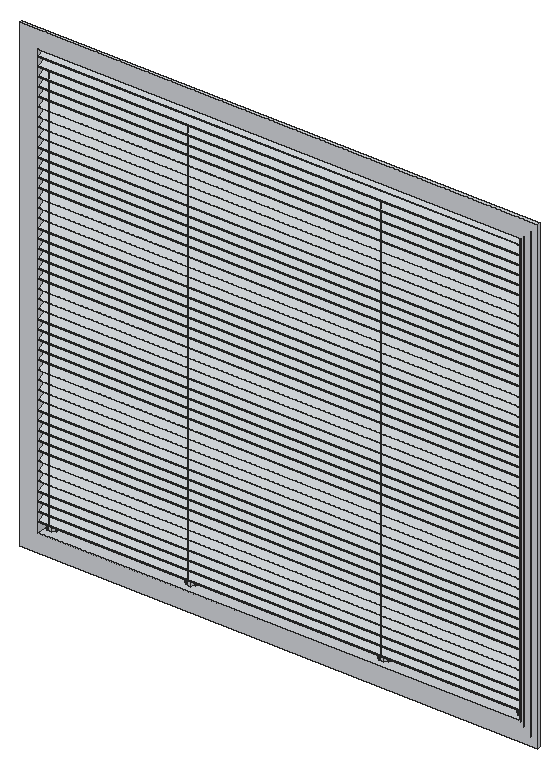
Revit family "EL-1-FL (Flange 2)", category Mechanical Equipment, Revit 2015
Parameters
  URL = "http://unitedenertech.com/catalog/pdf/A_43%20EL-1-FL.pdf"
  Type Comments = "Max. Single Section Size is (120\"w x 84\"h)"
  Model = "EL-1-FL (30 Degree Blades) (Flange #2)"
  Manufacturer = "United Enertech Corporation"
  Keynote = "Note: Blade Braces Set to Visibility Parameters, Correct Number Will Appear when Loaded into Project."
  Exact Width = 3' - 4"
  Exact Height = 3' - 0"
  Description = "PTAC Grille with Flange Frame"
  Brace Visibility [instance] = if(and(Exact Width > 1' 4", Exact Width < 2' 8"), 2 > 1, 1 > 2)  # no
  Brace Number [instance] = (Exact Width / 1' 4")  # 3
  Brace Height [instance] = Exact Height - 0' 0 1/8"  # 2' - 11 7/8"
  Blade Spacing = 0' - 0 3/4"
  Blade Number [instance] = rounddown((Exact Height - 0' 0 5/16") / 0' 0 3/4")  # 47
  BW [instance] = Exact Width - 0' 0 1/8"  # 3' - 3 7/8"
  (7) Brace Visibility [instance] = if(Exact Width > 9' 4", 2 > 1, 1 > 2)  # no
  (6) Brace Visibility [instance] = if(and(Exact Width > 8' 0", Exact Width < 9' 4"), 2 > 1, 1 > 2)  # no
  (5) Brace Visibility [instance] = if(and(Exact Width > 6' 8", Exact Width < 8' 0"), 2 > 1, 1 > 2)  # no
  (4) Brace Visibility [instance] = if(and(Exact Width > 5' 4", Exact Width < 6' 8"), 2 > 1, 1 > 2)  # no
  (3) Brace Visibility [instance] = if(and(Exact Width > 4' 0", Exact Width < 5' 4"), 2 > 1, 1 > 2)  # no
  (2) Brace Visibility [instance] = if(and(Exact Width > 2' 8", Exact Width < 4' 0"), 2 > 1, 1 > 2)  # yes
Reference planes (in)
  plane 1 "Center (Front/Back)": y = 0
  plane 2: z = 0
  plane 3 "Center (Left/Right)": x = 0
  plane 4: x = -20
  plane 5: x = 20
  plane 6: z = 36
  plane 7: x = -19.56125
  plane 8: y = -0.453
  plane 9: y = -0.237
  plane 10: z = 35.75
  plane 11: z = 18
  plane 12: z = 0.06291
  plane 13: z = 35.93709
  plane 14: x = -19.93709
  plane 15: x = 19.93709
Forms (in)
  Extrusion 1, solid
    sketch origin (-19.79782, 2.05132, 0) x (-1, 0, 0) y (0, -1, 0)
      loop
        line (-0.65373, 2.21832) -> (-0.50198, 2.05132) -> (-0.09698, 2.05132) -> (0.05477, 2.21832) -> (-0.06023, 2.21832) -> (-0.06023, 2.1602) -> (-0.11911, 2.10132) -> (-0.47986, 2.10132) -> (-0.53873, 2.1602) -> (-0.53873, 2.21832) -> (-0.65373, 2.21832)
    from 0.06291 to 35.93709
  Extrusion 2, solid
    sketch origin (19.77507, 2.48299, 0) x (1, 0, 0) y (0, 1, 0)
      loop
        line (-0.71549, -2.49199) -> (-0.71549, -2.71999) -> (-0.53299, -2.71999) -> (-0.49774, -2.93599) -> (-0.05574, -2.93599) -> (-0.02049, -2.71999) -> (0.16201, -2.71999) -> (0.16201, -2.49199) -> (0.09201, -2.49199) -> (0.02544, -2.57592) -> (0.09006, -2.64999) -> (-0.07999, -2.64999) -> (-0.11524, -2.86599) -> (-0.43823, -2.86599) -> (-0.47348, -2.64999) -> (-0.64354, -2.64999) -> (-0.58124, -2.57299) -> (-0.64549, -2.49199) -> (-0.71549, -2.49199)
    from 0.06291 to 35.93709
  Extrusion 3, solid
    sketch origin (19.79782, 2.05132, 0) x (1, 0, 0) y (0, 1, 0)
      loop
        line (-0.65373, -2.21832) -> (-0.53873, -2.21832) -> (-0.53873, -2.1602) -> (-0.47986, -2.10132) -> (-0.11911, -2.10132) -> (-0.06023, -2.1602) -> (-0.06023, -2.21832) -> (0.05477, -2.21832) -> (-0.09698, -2.05132) -> (-0.50198, -2.05132) -> (-0.65373, -2.21832)
    from 0.06291 to 35.93709
  Extrusion 4, solid
    sketch origin (-19.77507, 2.48299, 0) x (-1, 0, 0) y (0, -1, 0)
      loop
        line (-0.71549, 2.49199) -> (-0.64549, 2.49199) -> (-0.58124, 2.57299) -> (-0.64354, 2.64999) -> (-0.47348, 2.64999) -> (-0.43823, 2.86599) -> (-0.11524, 2.86599) -> (-0.07999, 2.64999) -> (0.09006, 2.64999) -> (0.02544, 2.57592) -> (0.09201, 2.49199) -> (0.16201, 2.49199) -> (0.16201, 2.71999) -> (-0.02049, 2.71999) -> (-0.05574, 2.93599) -> (-0.49774, 2.93599) -> (-0.53299, 2.71999) -> (-0.71549, 2.71999) -> (-0.71549, 2.49199)
    from 0.06291 to 35.93709
  Sweep 5, solid
    path origin (0, 0, 0) x (1, 0, 0) y (0, 0, 1)
      loop
        line (-20, 36) -> (-20, 0) -> (20, 0) -> (20, 36) -> (-20, 36)
    profile "FL 2 : FL 2" origin (0, 0, 36) x (0, 0, 1) y (0, -1, 0)
      loop
        line (-0.75116, -0.0004) -> (-0.75116, -0.0634) -> (-0.00116, -0.0634) -> (-0.00116, 0.9986) -> (0.18584, 0.9986) -> (0.18584, 0.8736) -> (0.43634, 0.8736) -> (0.43634, 0.9366) -> (0.24884, 0.9366) -> (0.24884, 0.9986) -> (0.74884, 0.9986) -> (0.74884, 0.9366) -> (0.56134, 0.9366) -> (0.56134, 0.8736) -> (0.81184, 0.8736) -> (0.81184, 0.9986) -> (1.36084, 0.9986) -> (1.36084, 0.8736) -> (1.42384, 0.8736) -> (1.42384, 1.0616) -> (-0.06416, 1.0616) -> (-0.06416, -0.0004) -> (-0.75116, -0.0004)
Dimensions and locks (in)
  equal spacing: plane 4, plane 3 "Center (Left/Right)", plane 5
  "Exact Width": plane 4 to plane 5
  "Exact Height": plane 6 to level
  locked: plane 4 to plane 7 at 0.43875
  locked: plane 6 to plane 10 at 0.25
  equal spacing: plane 6, plane 11, level
  locked: plane 12 to level at 0.06291
  locked: plane 6 to plane 13 at 0.06291
  equal spacing: group 1, group 2, group 3, group 4, group 5, group 6, group 7, group 8, group 9, group 10, group 11, group 12, group 13, group 14, group 15, group 16, group 17, group 18, group 19, group 20, group 21, group 22, group 23, group 24, group 25, group 26, group 27, group 28, group 29, group 30, group 31, group 32, group 33, group 34, group 35, group 36, group 37, group 38, group 39, group 40, group 41, group 42, group 43, group 44, group 45, group 46, group 47  (x2)
  equal spacing: group 47, group 46, group 45, group 44, group 43, group 42, group 41, group 40, group 39, group 38, group 37, group 36, group 35, group 34, group 33, group 32, group 31, group 30, group 29, group 28, group 27, group 26, group 25, group 24, group 23, group 22, group 21, group 20, group 19, group 18, group 17, group 16, group 15, group 14, group 13, group 12, group 11, group 10, group 9, group 8, group 7, group 6, group 5, group 4, group 3, group 2, group 1
  "Blade Spacing": nested 30 to nested 2
  locked: plane 4 to plane 14 at 0.06291
  locked: plane 15 to plane 5 at 0.06291
  aligned and locked: level to plane 2
  aligned and locked: plane 3 "Center (Left/Right)" to nested 1
  aligned and locked: nested 1 to plane 8
  aligned and locked: plane 3 "Center (Left/Right)" to nested 2
  aligned and locked: Sweep 5 sketch curve to plane 6
  aligned and locked: Sweep 5 sketch curve to plane 4
  aligned and locked: Sweep 5 sketch curve to plane 5
  aligned and locked: level to Sweep 5 sketch curve
  aligned and locked: nested 29 to plane 12
  aligned and locked: nested 21 to plane 12
  aligned and locked: nested 28 to plane 12
  aligned and locked: nested 15 to plane 12
  aligned and locked: nested 20 to plane 12
  aligned and locked: nested 11 to plane 12
  aligned and locked: Extrusion 2 to plane 12
  aligned and locked: Extrusion 3 to plane 12
  aligned and locked: nested 24 to plane 12
  aligned and locked: nested 14 to plane 12
  aligned and locked: nested 6 to plane 12
  aligned and locked: nested 18 to plane 12
  aligned and locked: nested 9 to plane 12
  aligned and locked: nested 3 to plane 12
  aligned and locked: nested 23 to plane 12
  aligned and locked: nested 12 to plane 12
  aligned and locked: nested 5 to plane 12
  aligned and locked: nested 1 to plane 12
  aligned and locked: nested 17 to plane 12
  aligned and locked: nested 8 to plane 12
  aligned and locked: nested 4 to plane 12
  aligned and locked: nested 25 to plane 12
  aligned and locked: nested 13 to plane 12
  aligned and locked: nested 7 to plane 12
  aligned and locked: Extrusion 4 to plane 12
  aligned and locked: Extrusion 1 to plane 12
  aligned and locked: nested 19 to plane 12
  aligned and locked: nested 10 to plane 12
  aligned and locked: nested 26 to plane 12
  aligned and locked: nested 16 to plane 12
  aligned and locked: nested 22 to plane 12
  aligned and locked: nested 27 to plane 12
  aligned and locked: plane 13 to Extrusion 4
  aligned and locked: plane 13 to Extrusion 2
  aligned and locked: plane 13 to Extrusion 1
  aligned and locked: plane 13 to Extrusion 3
  aligned and locked: plane 10 to nested 2
Automatic sketch dimensions
  plane 1 "Center (Front/Back)" to Extrusion 1 sketch curve = 0' - 0"
  plane 9 to Extrusion 1 sketch curve = 0' - 0.07"  (x2)
  Extrusion 1 sketch curve to plane 7 = 0' - 0.41716"
  Extrusion 1 sketch curve to Extrusion 1 sketch curve = 0' - 0.115"
  Extrusion 1 sketch curve to Extrusion 1 sketch curve = 0' - 0.03675"
  Extrusion 1 sketch curve to Extrusion 1 sketch curve = 0' - 0.02213"  (x2)
  plane 1 "Center (Front/Back)" to Extrusion 1 sketch curve = 0' - 0.05"
  plane 7 to Extrusion 1 sketch curve = 0' - 0.11746"
  Extrusion 1 sketch curve to Extrusion 1 sketch curve = 0' - 0.05888"  (x2)
  Extrusion 1 sketch curve to plane 4 = 0' - 0.14741"
  Extrusion 1 sketch curve to Extrusion 1 sketch curve = 0' - 0.05812"
  plane 9 to Extrusion 2 sketch curve = 0' - 0"  (x2)
  Extrusion 2 sketch curve to plane 8 = 0' - 0"
  plane 5 to Extrusion 2 sketch curve = 0' - 0.06291"
  Extrusion 2 sketch curve to plane 1 "Center (Front/Back)" = 0' - 0.009"  (x2)
  Extrusion 2 sketch curve to Extrusion 2 sketch curve = 0' - 0.07"
  plane 5 to Extrusion 2 sketch curve = 0' - 0.13486"
  Extrusion 2 sketch curve to Extrusion 2 sketch curve = 0' - 0.06462"
  Extrusion 2 sketch curve to Extrusion 2 sketch curve = 0' - 0.11055"
  plane 5 to Extrusion 2 sketch curve = 0' - 0.28066"
  Extrusion 2 sketch curve to Extrusion 2 sketch curve = 0' - 0.0595"  (x4)
  Extrusion 2 sketch curve to plane 8 = 0' - 0.07"
  Extrusion 2 sketch curve to Extrusion 2 sketch curve = 0' - 0.323"
  Extrusion 2 sketch curve to plane 9 = 0' - 0.07"  (x2)
  Extrusion 2 sketch curve to Extrusion 2 sketch curve = 0' - 0.03525"
  Extrusion 2 sketch curve to plane 1 "Center (Front/Back)" = 0' - 0.09"
  Extrusion 2 sketch curve to Extrusion 2 sketch curve = 0' - 0.10775"
  Extrusion 2 sketch curve to Extrusion 2 sketch curve = 0' - 0.0623"
  Extrusion 2 sketch curve to Extrusion 2 sketch curve = 0' - 0.06425"
  Extrusion 2 sketch curve to Extrusion 2 sketch curve = 0' - 0.07195"
  Extrusion 2 sketch curve to plane 1 "Center (Front/Back)" = 0' - 0.09293"
  plane 1 "Center (Front/Back)" to Extrusion 3 sketch curve = 0' - 0"
  Extrusion 3 sketch curve to plane 9 = 0' - 0.07"  (x2)
  plane 5 to Extrusion 3 sketch curve = 0' - 0.85591"
  Extrusion 3 sketch curve to Extrusion 3 sketch curve = 0' - 0.115"
  Extrusion 3 sketch curve to Extrusion 3 sketch curve = 0' - 0.03675"
  Extrusion 3 sketch curve to Extrusion 3 sketch curve = 0' - 0.02213"  (x2)
  Extrusion 3 sketch curve to plane 1 "Center (Front/Back)" = 0' - 0.05"
  plane 5 to Extrusion 3 sketch curve = 0' - 0.32129"
  Extrusion 3 sketch curve to Extrusion 3 sketch curve = 0' - 0.05888"  (x2)
  plane 5 to Extrusion 3 sketch curve = 0' - 0.14741"
  Extrusion 3 sketch curve to Extrusion 3 sketch curve = 0' - 0.05812"
  Extrusion 4 sketch curve to plane 9 = 0' - 0"  (x2)
  Extrusion 4 sketch curve to plane 8 = 0' - 0"
  Extrusion 4 sketch curve to plane 4 = 0' - 0.06291"
  plane 1 "Center (Front/Back)" to Extrusion 4 sketch curve = 0' - 0.009"  (x2)
  Extrusion 4 sketch curve to Extrusion 4 sketch curve = 0' - 0.07"
  Extrusion 4 sketch curve to plane 4 = 0' - 0.13486"
  Extrusion 4 sketch curve to Extrusion 4 sketch curve = 0' - 0.06462"
  Extrusion 4 sketch curve to Extrusion 4 sketch curve = 0' - 0.11055"
  Extrusion 4 sketch curve to plane 4 = 0' - 0.28066"
  Extrusion 4 sketch curve to Extrusion 4 sketch curve = 0' - 0.0595"  (x4)
  plane 8 to Extrusion 4 sketch curve = 0' - 0.07"
  Extrusion 4 sketch curve to plane 7 = 0' - 0.22441"
  plane 9 to Extrusion 4 sketch curve = 0' - 0.07"  (x2)
  Extrusion 4 sketch curve to plane 7 = 0' - 0.25966"
  plane 1 "Center (Front/Back)" to Extrusion 4 sketch curve = 0' - 0.09"
  Extrusion 4 sketch curve to Extrusion 4 sketch curve = 0' - 0.10775"
  Extrusion 4 sketch curve to Extrusion 4 sketch curve = 0' - 0.0623"
  Extrusion 4 sketch curve to Extrusion 4 sketch curve = 0' - 0.06425"
  Extrusion 4 sketch curve to Extrusion 4 sketch curve = 0' - 0.07195"
  plane 1 "Center (Front/Back)" to Extrusion 4 sketch curve = 0' - 0.09293"
Nested families (in)
  nested 1: "EL BRACE" at (0, -0.453, 0.06291), visible <- "Brace Visibility", type "EL BRACE"
    with Height 2' - 11 7/8"
  nested 2: "EL 30 Deg" at (0, -2.01253, 29.5485), type "EL 30 Deg"
    with Blade 30 Width 3' - 3 7/8"
  nested 3: "EL BRACE" at (8, -0.453, 0.06291), visible <- "(2) Brace Visibility", type "EL BRACE"
    with Height 2' - 11 7/8"
  nested 4: "EL BRACE" at (-8, -0.453, 0.06291), visible <- "(2) Brace Visibility", type "EL BRACE"
    with Height 2' - 11 7/8"
  nested 5: "EL BRACE" at (0, -0.453, 0.06291), visible <- "(3) Brace Visibility", type "EL BRACE"
    with Height 2' - 11 7/8"
  nested 6: "EL BRACE" at (16, -0.453, 0.06291), visible <- "(3) Brace Visibility", type "EL BRACE"
    with Height 2' - 11 7/8"
  nested 7: "EL BRACE" at (-16, -0.453, 0.06291), visible <- "(3) Brace Visibility", type "EL BRACE"
    with Height 2' - 11 7/8"
  nested 8: "EL BRACE" at (-8, -0.453, 0.06291), visible <- "(4) Brace Visibility", type "EL BRACE"
    with Height 2' - 11 7/8"
  nested 9: "EL BRACE" at (8, -0.453, 0.06291), visible <- "(4) Brace Visibility", type "EL BRACE"
    with Height 2' - 11 7/8"
  nested 10: "EL BRACE" at (-24, -0.453, 0.06291), visible <- "(4) Brace Visibility", type "EL BRACE"
    with Height 2' - 11 7/8"
  nested 11: "EL BRACE" at (24, -0.453, 0.06291), visible <- "(4) Brace Visibility", type "EL BRACE"
    with Height 2' - 11 7/8"
  nested 12: "EL BRACE" at (0, -0.453, 0.06291), visible <- "(5) Brace Visibility", type "EL BRACE"
    with Height 2' - 11 7/8"
  nested 13: "EL BRACE" at (-16, -0.453, 0.06291), visible <- "(5) Brace Visibility", type "EL BRACE"
    with Height 2' - 11 7/8"
  nested 14: "EL BRACE" at (16, -0.453, 0.06291), visible <- "(5) Brace Visibility", type "EL BRACE"
    with Height 2' - 11 7/8"
  nested 15: "EL BRACE" at (32, -0.453, 0.06291), visible <- "(5) Brace Visibility", type "EL BRACE"
    with Height 2' - 11 7/8"
  nested 16: "EL BRACE" at (-32, -0.453, 0.06291), visible <- "(5) Brace Visibility", type "EL BRACE"
    with Height 2' - 11 7/8"
  nested 17: "EL BRACE" at (-8, -0.453, 0.06291), visible <- "(6) Brace Visibility", type "EL BRACE"
    with Height 2' - 11 7/8"
  nested 18: "EL BRACE" at (8, -0.453, 0.06291), visible <- "(6) Brace Visibility", type "EL BRACE"
    with Height 2' - 11 7/8"
  nested 19: "EL BRACE" at (-24, -0.453, 0.06291), visible <- "(6) Brace Visibility", type "EL BRACE"
    with Height 2' - 11 7/8"
  nested 20: "EL BRACE" at (24, -0.453, 0.06291), visible <- "(6) Brace Visibility", type "EL BRACE"
    with Height 2' - 11 7/8"
  nested 21: "EL BRACE" at (40, -0.453, 0.06291), visible <- "(6) Brace Visibility", type "EL BRACE"
    with Height 2' - 11 7/8"
  nested 22: "EL BRACE" at (-40, -0.453, 0.06291), visible <- "(6) Brace Visibility", type "EL BRACE"
    with Height 2' - 11 7/8"
  nested 23: "EL BRACE" at (0, -0.453, 0.06291), visible <- "(7) Brace Visibility", type "EL BRACE"
    with Height 2' - 11 7/8"
  nested 24: "EL BRACE" at (16, -0.453, 0.06291), visible <- "(7) Brace Visibility", type "EL BRACE"
    with Height 2' - 11 7/8"
  nested 25: "EL BRACE" at (-16, -0.453, 0.06291), visible <- "(7) Brace Visibility", type "EL BRACE"
    with Height 2' - 11 7/8"
  nested 26: "EL BRACE" at (-32, -0.453, 0.06291), visible <- "(7) Brace Visibility", type "EL BRACE"
    with Height 2' - 11 7/8"
  nested 27: "EL BRACE" at (-48, -0.453, 0.06291), visible <- "(7) Brace Visibility", type "EL BRACE"
    with Height 2' - 11 7/8"
  nested 28: "EL BRACE" at (32, -0.453, 0.06291), visible <- "(7) Brace Visibility", type "EL BRACE"
    with Height 2' - 11 7/8"
  nested 29: "EL BRACE" at (48, -0.453, 0.06291), visible <- "(7) Brace Visibility", type "EL BRACE"
    with Height 2' - 11 7/8"
  nested 30: "EL 30 Deg" at (0, -2.01253, 28.7985), type "EL 30 Deg"
    with Blade 30 Width 3' - 3 7/8"
  nested 31: "EL 30 Deg" at (0, -2.01253, 28.0485), type "EL 30 Deg"
    with Blade 30 Width 3' - 3 7/8"
  nested 32: "EL 30 Deg" at (0, -2.01253, 27.2985), type "EL 30 Deg"
    with Blade 30 Width 3' - 3 7/8"
  nested 33: "EL 30 Deg" at (0, -2.01253, 26.5485), type "EL 30 Deg"
    with Blade 30 Width 3' - 3 7/8"
  nested 34: "EL 30 Deg" at (0, -2.01253, 25.7985), type "EL 30 Deg"
    with Blade 30 Width 3' - 3 7/8"
  nested 35: "EL 30 Deg" at (0, -2.01253, 25.0485), type "EL 30 Deg"
    with Blade 30 Width 3' - 3 7/8"
  nested 36: "EL 30 Deg" at (0, -2.01253, 24.2985), type "EL 30 Deg"
    with Blade 30 Width 3' - 3 7/8"
  nested 37: "EL 30 Deg" at (0, -2.01253, 23.5485), type "EL 30 Deg"
    with Blade 30 Width 3' - 3 7/8"
  nested 38: "EL 30 Deg" at (0, -2.01253, 22.7985), type "EL 30 Deg"
    with Blade 30 Width 3' - 3 7/8"
  nested 39: "EL 30 Deg" at (0, -2.01253, 22.0485), type "EL 30 Deg"
    with Blade 30 Width 3' - 3 7/8"
  nested 40: "EL 30 Deg" at (0, -2.01253, 21.2985), type "EL 30 Deg"
    with Blade 30 Width 3' - 3 7/8"
  nested 41: "EL 30 Deg" at (0, -2.01253, 20.5485), type "EL 30 Deg"
    with Blade 30 Width 3' - 3 7/8"
  nested 42: "EL 30 Deg" at (0, -2.01253, 19.7985), type "EL 30 Deg"
    with Blade 30 Width 3' - 3 7/8"
  nested 43: "EL 30 Deg" at (0, -2.01253, 19.0485), type "EL 30 Deg"
    with Blade 30 Width 3' - 3 7/8"
  nested 44: "EL 30 Deg" at (0, -2.01253, 18.2985), type "EL 30 Deg"
    with Blade 30 Width 3' - 3 7/8"
  nested 45: "EL 30 Deg" at (0, -2.01253, 17.5485), type "EL 30 Deg"
    with Blade 30 Width 3' - 3 7/8"
  nested 46: "EL 30 Deg" at (0, -2.01253, 16.7985), type "EL 30 Deg"
    with Blade 30 Width 3' - 3 7/8"
  nested 47: "EL 30 Deg" at (0, -2.01253, 16.0485), type "EL 30 Deg"
    with Blade 30 Width 3' - 3 7/8"
  nested 48: "EL 30 Deg" at (0, -2.01253, 15.2985), type "EL 30 Deg"
    with Blade 30 Width 3' - 3 7/8"
  nested 49: "EL 30 Deg" at (0, -2.01253, 14.5485), type "EL 30 Deg"
    with Blade 30 Width 3' - 3 7/8"
  nested 50: "EL 30 Deg" at (0, -2.01253, 13.7985), type "EL 30 Deg"
    with Blade 30 Width 3' - 3 7/8"
  nested 51: "EL 30 Deg" at (0, -2.01253, 13.0485), type "EL 30 Deg"
    with Blade 30 Width 3' - 3 7/8"
  nested 52: "EL 30 Deg" at (0, -2.01253, 12.2985), type "EL 30 Deg"
    with Blade 30 Width 3' - 3 7/8"
  nested 53: "EL 30 Deg" at (0, -2.01253, 11.5485), type "EL 30 Deg"
    with Blade 30 Width 3' - 3 7/8"
  nested 54: "EL 30 Deg" at (0, -2.01253, 10.7985), type "EL 30 Deg"
    with Blade 30 Width 3' - 3 7/8"
  nested 55: "EL 30 Deg" at (0, -2.01253, 10.0485), type "EL 30 Deg"
    with Blade 30 Width 3' - 3 7/8"
  nested 56: "EL 30 Deg" at (0, -2.01253, 9.2985), type "EL 30 Deg"
    with Blade 30 Width 3' - 3 7/8"
  nested 57: "EL 30 Deg" at (0, -2.01253, 8.5485), type "EL 30 Deg"
    with Blade 30 Width 3' - 3 7/8"
  nested 58: "EL 30 Deg" at (0, -2.01253, 7.7985), type "EL 30 Deg"
    with Blade 30 Width 3' - 3 7/8"
  nested 59: "EL 30 Deg" at (0, -2.01253, 7.0485), type "EL 30 Deg"
    with Blade 30 Width 3' - 3 7/8"
  nested 60: "EL 30 Deg" at (0, -2.01253, 6.2985), type "EL 30 Deg"
    with Blade 30 Width 3' - 3 7/8"
  nested 61: "EL 30 Deg" at (0, -2.01253, 5.5485), type "EL 30 Deg"
    with Blade 30 Width 3' - 3 7/8"
  nested 62: "EL 30 Deg" at (0, -2.01253, 4.7985), type "EL 30 Deg"
    with Blade 30 Width 3' - 3 7/8"
  nested 63: "EL 30 Deg" at (0, -2.01253, 4.0485), type "EL 30 Deg"
    with Blade 30 Width 3' - 3 7/8"
  nested 64: "EL 30 Deg" at (0, -2.01253, 3.2985), type "EL 30 Deg"
    with Blade 30 Width 3' - 3 7/8"
  nested 65: "EL 30 Deg" at (0, -2.01253, 2.5485), type "EL 30 Deg"
    with Blade 30 Width 3' - 3 7/8"
  nested 66: "EL 30 Deg" at (0, -2.01253, 1.7985), type "EL 30 Deg"
    with Blade 30 Width 3' - 3 7/8"
  nested 67: "EL 30 Deg" at (0, -2.01253, 1.0485), type "EL 30 Deg"
    with Blade 30 Width 3' - 3 7/8"
  nested 68: "EL 30 Deg" at (0, -2.01253, 0.2985), type "EL 30 Deg"
    with Blade 30 Width 3' - 3 7/8"
  nested 69: "EL 30 Deg" at (0, -2.01253, -0.4515), type "EL 30 Deg"
    with Blade 30 Width 3' - 3 7/8"
  nested 70: "EL 30 Deg" at (0, -2.01253, -1.2015), type "EL 30 Deg"
    with Blade 30 Width 3' - 3 7/8"
  nested 71: "EL 30 Deg" at (0, -2.01253, -1.9515), type "EL 30 Deg"
    with Blade 30 Width 3' - 3 7/8"
  nested 72: "EL 30 Deg" at (0, -2.01253, -2.7015), type "EL 30 Deg"
    with Blade 30 Width 3' - 3 7/8"
  nested 73: "EL 30 Deg" at (0, -2.01253, -3.4515), type "EL 30 Deg"
    with Blade 30 Width 3' - 3 7/8"
  nested 74: "EL 30 Deg" at (0, -2.01253, -4.2015), type "EL 30 Deg"
    with Blade 30 Width 3' - 3 7/8"
  nested 75: "EL 30 Deg" at (0, -2.01253, -4.9515), type "EL 30 Deg"
    with Blade 30 Width 3' - 3 7/8"
Definition of nested family "EL BRACE"
  Parameters (values of type "EL BRACE")
    Height = 1' - 5.56492"
  Reference planes (in)
    plane 1 "Center (Front/Back)": y = 0
    plane 2: z = 0
    plane 3 "Center (Left/Right)": x = 0
    plane 4: z = 17.56492
  Forms (in)
    Extrusion 1, solid
      sketch origin (6.72326, 2.93599, 0) x (-1, 0, 0) y (0, -1, 0)
        loop
          line (6.28451, 2.49199) -> (6.35451, 2.49199) -> (6.41876, 2.57299) -> (6.35646, 2.64999) -> (6.52652, 2.64999) -> (6.56177, 2.86599) -> (6.88476, 2.86599) -> (6.92001, 2.64999) -> (7.09006, 2.64999) -> (7.02544, 2.57592) -> (7.09201, 2.49199) -> (7.16201, 2.49199) -> (7.16201, 2.71999) -> (6.97951, 2.71999) -> (6.94426, 2.93599) -> (6.50226, 2.93599) -> (6.46701, 2.71999) -> (6.28451, 2.71999) -> (6.28451, 2.49199)
      from 0 to 17.56492
  Dimensions and locks (in)
    "Height": plane 4 to level
    aligned and locked: level to plane 2
    aligned and locked: plane 4 to Extrusion 1
  Automatic sketch dimensions
    plane 1 "Center (Front/Back)" to Extrusion 1 sketch curve = 0' - 0"
    Extrusion 1 sketch curve to plane 1 "Center (Front/Back)" = 0' - 0.216"
    plane 3 "Center (Left/Right)" to Extrusion 1 sketch curve = 0' - 0.43875"
    Extrusion 1 sketch curve to Extrusion 1 sketch curve = 0' - 0.07"  (x4)
    Extrusion 1 sketch curve to Extrusion 1 sketch curve = 0' - 0.07195"
    Extrusion 1 sketch curve to Extrusion 1 sketch curve = 0' - 0.0623"
    Extrusion 1 sketch curve to Extrusion 1 sketch curve = 0' - 0.11055"
    Extrusion 1 sketch curve to Extrusion 1 sketch curve = 0' - 0.03525"
    Extrusion 1 sketch curve to Extrusion 1 sketch curve = 0' - 0.0595"  (x4)
    Extrusion 1 sketch curve to plane 1 "Center (Front/Back)" = 0' - 0.07"
    Extrusion 1 sketch curve to plane 3 "Center (Left/Right)" = 0' - 0.1615"
    Extrusion 1 sketch curve to plane 3 "Center (Left/Right)" = 0' - 0.19675"
    Extrusion 1 sketch curve to Extrusion 1 sketch curve = 0' - 0.10543"
    Extrusion 1 sketch curve to Extrusion 1 sketch curve = 0' - 0.06462"
    Extrusion 1 sketch curve to Extrusion 1 sketch curve = 0' - 0.06657"
    Extrusion 1 sketch curve to plane 1 "Center (Front/Back)" = 0' - 0.286"
    Extrusion 1 sketch curve to Extrusion 1 sketch curve = 0' - 0.07407"
    Extrusion 1 sketch curve to Extrusion 1 sketch curve = 0' - 0.077"
    Extrusion 1 sketch curve to Extrusion 1 sketch curve = 0' - 0.08393"
    Extrusion 1 sketch curve to Extrusion 1 sketch curve = 0' - 0.081"
Definition of nested family "EL 30 Deg"
  Parameters (values of type "EL 30 Deg")
    Blade 30 Width = 3' - 0"
  Reference planes (in)
    plane 1 "Center (Front/Back)": y = 0
    plane 2: z = 0
    plane 3 "Center (Left/Right)": x = 0
    plane 4: x = -18
    plane 5: x = 18
  Forms (in)
    Extrusion 1, solid
      sketch origin (0.80302, -5.449, 4.64597) x (0, 1, 0) y (0, 0, 1)
        loop
          line (6.38152, 1.21315) -> (6.41652, 1.15253) -> (6.99328, 1.48552) -> (7.22452, 1.48552) -> (7.22452, 1.55552) -> (6.97452, 1.55552) -> (6.38152, 1.21315)
      from -18.80302 to 17.19698
  Dimensions and locks (in)
    equal spacing: plane 4, plane 3 "Center (Left/Right)", plane 5
    "Blade 30 Width": plane 4 to plane 5
    aligned and locked: level to plane 2
    aligned and locked: plane 5 to Extrusion 1
    aligned and locked: plane 4 to Extrusion 1
  Automatic sketch dimensions
    Extrusion 1 sketch curve to plane 1 "Center (Front/Back)" = 0' - 0.93253"
    Extrusion 1 sketch curve to Extrusion 1 sketch curve = 0' - 0.035"
    Extrusion 1 sketch curve to Extrusion 1 sketch curve = 0' - 0.593"
    Extrusion 1 sketch curve to Extrusion 1 sketch curve = 0' - 0.01876"
    Extrusion 1 sketch curve to Extrusion 1 sketch curve = 0' - 0.23124"
    level to Extrusion 1 sketch curve = 0' - 5.7985"
    Extrusion 1 sketch curve to Extrusion 1 sketch curve = 0' - 0.06062"
